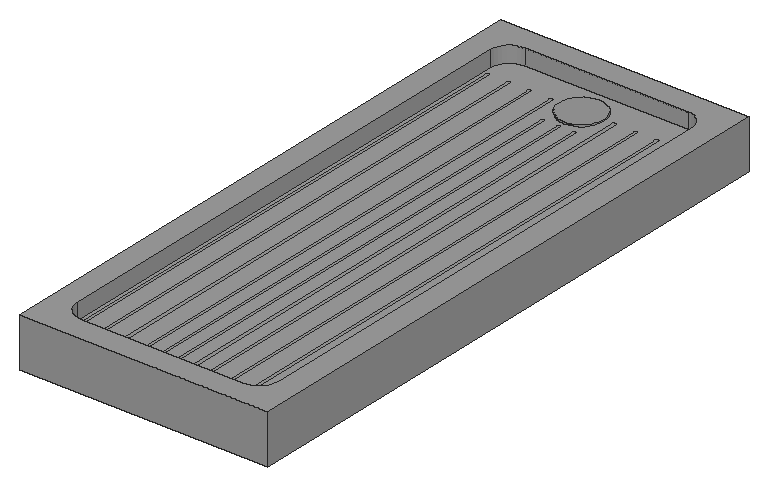
Revit family "RECEPTACULO ZEN 1700x700", category Plumbing Fixtures, Revit 2019
Family settings
  Round Connector Dimension = Use Diameter
  Part Type = Normal
  OmniClass Number = 23.45.00.00
  OmniClass Title = Sanitary, Laundry, and Cleaning Equipment
  Work Plane-Based = No
  Always vertical = Yes
  Cut with Voids When Loaded = No
  Shared = No
  Room Calculation Point = No
Reference planes
  plane 1 "Center (Front/Back)": y = 0
  plane 2: z = 0
  plane 3 "Center (Left/Right)": x = 0
Forms (mm)
  Extrusion 1, solid
    sketch origin (0, 0, 0) x (1, 0, 0) y (0, 1, 0)
      loop
        line (0, -542.5) -> (700, -542.5) -> (700, 1157.5) -> (0, 1157.5) -> (0, -542.5)
    from 0 to 140
  Extrusion 2, void
    sketch origin (0, 0, 0) x (1, 0, 0) y (0, 1, 0)
      loop
        line (579.563, 1092.5) -> (120, 1092.5)
        arc (120, 1092.5) -> (81.109, 1076.391) -> (65, 1037.5) r 55
        line (65, 1037.5) -> (65, -422.5)
        arc (65, -422.5) -> (81.109, -461.391) -> (120, -477.5) r 55
        line (120, -477.5) -> (579.563, -477.5)
        arc (579.563, -477.5) -> (618.454, -461.391) -> (634.563, -422.5) r 55
        line (634.563, -422.5) -> (634.563, 1037.5)
        arc (634.563, 1037.5) -> (618.454, 1076.391) -> (579.563, 1092.5) r 55
    from 95 to 140
  Extrusion 3, solid
    sketch origin (0, 480, 0) x (1, 0, 0) y (0, 1, 0)
      loop
        circle (350, 525) r 62.5
    from 95 to 98.923
  Extrusion 4, solid
    sketch origin (0.072, 0, -15.528) x (1, 0, 0) y (0, 0, 1)
      loop
        line (135.456, 110.528) -> (142.789, 110.528)
        arc (142.789, 110.528) -> (139.122, 112.128) -> (135.456, 110.528) r 5
      loop
        line (195.456, 110.528) -> (202.789, 110.528)
        arc (202.789, 110.528) -> (199.122, 112.128) -> (195.456, 110.528) r 5
      loop
        line (255.456, 110.528) -> (262.789, 110.528)
        arc (262.789, 110.528) -> (259.122, 112.128) -> (255.456, 110.528) r 5
      loop
        line (435.456, 110.528) -> (442.789, 110.528)
        arc (442.789, 110.528) -> (439.122, 112.128) -> (435.456, 110.528) r 5
      loop
        line (495.456, 110.528) -> (502.789, 110.528)
        arc (502.789, 110.528) -> (499.122, 112.128) -> (495.456, 110.528) r 5
      loop
        line (555.456, 110.528) -> (562.789, 110.528)
        arc (562.789, 110.528) -> (559.122, 112.128) -> (555.456, 110.528) r 5
      loop
        line (75.456, 110.528) -> (82.789, 110.528)
        arc (82.789, 110.528) -> (79.122, 112.128) -> (75.456, 110.528) r 5
      loop
        line (615.456, 110.528) -> (622.789, 110.528)
        arc (622.789, 110.528) -> (619.122, 112.128) -> (615.456, 110.528) r 5
    from -1010.73 to 422.5
  Extrusion 5, solid
    sketch origin (0.072, 0, -15.528) x (1, 0, 0) y (0, 0, 1)
      loop
        line (345.456, 110.528) -> (352.789, 110.528)
        arc (352.789, 110.528) -> (349.122, 112.128) -> (345.456, 110.528) r 5
      loop
        line (300.456, 110.528) -> (307.789, 110.528)
        arc (307.789, 110.528) -> (304.122, 112.128) -> (300.456, 110.528) r 5
      loop
        line (390.456, 110.528) -> (397.789, 110.528)
        arc (397.789, 110.528) -> (394.122, 112.128) -> (390.456, 110.528) r 5
    from -925.551 to 422.5
Cuts and joins
  Extrusion 2 cuts Extrusion 1
Dimensions and locks
  aligned and locked: level to plane 2
